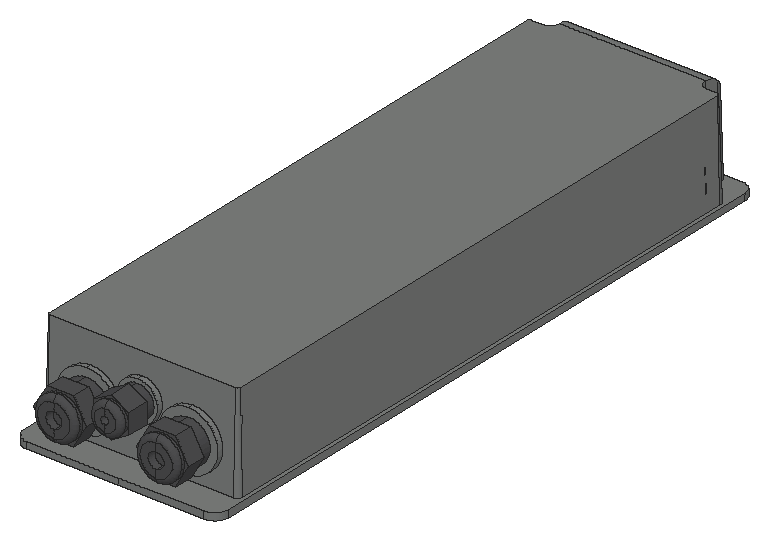
Revit family "Thorn ALTIS GEN5 Gearbox-4 channel gearbox for RGBW", category Electrical Fixtures, host Face, Revit 2023
Family settings
  Host = Face
  Round Connector Dimension = Use Diameter
  Part Type = Normal
  Cut with Voids When Loaded = Yes
  Maintain Annotation Orientation = No
  Shared = Yes
  Room Calculation Point = Yes
Parameters (values of type "ALG5 GB 1200W 0.85A 450V 4CH RGBW DMX/DA")
  Wattage = 1200 W
  URL = "https://www.thornlighting.com/96685716"
  Type Image = TLG_ALG5_F_GB_LE_2100W.jpg
  Type IFC Predefined Type = "DIRECTIONSOURCE"
  Power Factor = 1
  Model = "96685716"
  Material Housing = Thorn-Aluminium-RAL 7043-Traffic Grey B
  Manufacturer = "Thorn Lighting"  # constant formula
  Luminaire Width = 152 mm  # constant formula
  Luminaire Length = 500 mm  # constant formula
  Luminaire Height = 77 mm  # constant formula
  Lamp = "LED"  # constant formula
  Export Type to IFC As = "IfcLightFixtureType"
  Description = "LED Control Gear"  # constant formula
  Default Elevation = 0 mm  # constant formula
  Assembly Code = "Pr_60_70_48_54"
  Apparent Load = Wattage / Power Factor  # 1200 VA
Reference planes
  plane 1 "Center (Front/Back)": y = 0
  plane 2: z = 0
  plane 3 "Center (Left/Right)": x = 0
  plane 4: x = -76
  plane 5: x = 76
  plane 6: y = 250
  plane 7: y = -250
  plane 8: z = 77
  plane 9: x = -38
  plane 10: y = -226.5
Forms (mm)
  Extrusion 1, solid, material "Thorn-Aluminium-RAL 7043-Traffic Grey B" <- "Material Housing"
    sketch origin (0, 0, 0) x (1, 0, 0) y (0, 1, 0)
      loop
        arc (-66, 250) -> (-73.071, 247.071) -> (-76, 240) r 10
        line (-76, 240) -> (-76, -240)
        arc (-76, -240) -> (-73.071, -247.071) -> (-66, -250) r 10
        line (-66, -250) -> (1.871, -250) -> (66, -250)
        arc (66, -250) -> (73.071, -247.071) -> (76, -240) r 10
        line (76, -240) -> (76, 240)
        arc (76, 240) -> (73.071, 247.071) -> (66, 250) r 10
        line (66, 250) -> (-2.525, 250) -> (-66, 250)
    from 0 to 5
  Blend 2, solid, material "Thorn-Aluminium-RAL 7043-Traffic Grey B" <- "Material Housing"
    base sketch origin (0, 0, 0) x (1, 0, 0) y (0, 1, 0)
      loop
        arc (-73, -222.5) -> (-71.828, -225.328) -> (-69, -226.5) r 4
        line (-69, -226.5) -> (69, -226.5)
        arc (69, -226.5) -> (71.828, -225.328) -> (73, -222.5) r 4
        line (73, -222.5) -> (73, 221)
        arc (73, 221) -> (71.828, 223.828) -> (69, 225) r 4
        line (69, 225) -> (61, 225)
        arc (61, 225) -> (58.172, 226.172) -> (57, 229) r 4
        line (57, 229) -> (57, 241)
        arc (57, 241) -> (55.243, 245.243) -> (51, 247) r 6
        line (51, 247) -> (0, 247) -> (-50, 247)
        arc (-50, 247) -> (-54.243, 245.243) -> (-56, 241) r 6
        line (-56, 241) -> (-56, 229)
        arc (-56, 229) -> (-57.172, 226.172) -> (-60, 225) r 4
        line (-60, 225) -> (-69, 225)
        arc (-69, 225) -> (-71.828, 223.828) -> (-73, 221) r 4
        line (-73, 221) -> (-73, -222.5)
    top sketch origin (0, 0, 0) x (1, 0, 0) y (0, 1, 0)
      loop
        line (-71, 221) -> (-71, -222.5)
        arc (-71, -222.5) -> (-70.414, -223.914) -> (-69, -224.5) r 2
        line (-69, -224.5) -> (69, -224.5)
        arc (69, -224.5) -> (70.414, -223.914) -> (71, -222.5) r 2
        line (71, -222.5) -> (71, 221)
        arc (71, 221) -> (70.414, 222.414) -> (69, 223) r 2
        line (69, 223) -> (61, 223)
        arc (61, 223) -> (56.757, 224.757) -> (55, 229) r 6
        line (55, 229) -> (55, 241)
        arc (55, 241) -> (53.828, 243.828) -> (51, 245) r 4
        line (51, 245) -> (0, 245) -> (-50, 245)
        arc (-50, 245) -> (-52.828, 243.828) -> (-54, 241) r 4
        line (-54, 241) -> (-54, 229)
        arc (-54, 229) -> (-55.757, 224.757) -> (-60, 223) r 6
        line (-60, 223) -> (-69, 223)
        arc (-69, 223) -> (-70.414, 222.414) -> (-71, 221) r 2
    from 5 to 77
  Revolve 3, solid, material "Thorn-Plastic-RAL 9005-Jet Black"
    sketch origin (-38, -4546.061, 94.787) x (0, 0, 1) y (0, -1, 0)
      loop
        line (-45.646, -4316.561) -> (-45.646, -4306.609) -> (-61.646, -4306.609) -> (-61.646, -4316.561) -> (-45.646, -4316.561)
      loop
        line (-55.646, -4292.561) -> (-45.646, -4292.561) -> (-45.646, -4290.561)
        arc (-45.646, -4290.561) -> (-46.817, -4287.732) -> (-49.646, -4286.561) r 4
        line (-49.646, -4286.561) -> (-55.646, -4286.561) -> (-55.646, -4292.561)
      axis (-61.646, -4316.561) -> (-61.646, -4286.561)
    angle from 0 to 360
  Extrusion 4, solid, material "Thorn-Aluminium-RAL 7043-Traffic Grey B" <- "Material Housing"
    sketch origin (-173.759, -226.5, 1219.2) x (-1, 0, 0) y (0, 0, 1)
      loop
        circle (-135.759, -1186.059) r 22
    from 5 to -3
  Extrusion 5, solid, material "Thorn-Plastic-RAL 9005-Jet Black"
    sketch origin (-969.698, -250, 1179.325) x (-1, 0, 0) y (0, 0, -1)
      loop
        line (-921.883, 1129.184) -> (-912.068, 1146.184) -> (-921.883, 1163.184) -> (-941.513, 1163.184) -> (-951.328, 1146.184) -> (-941.513, 1129.184) -> (-921.883, 1129.184)
    from 3.5 to -10.548
  Revolve 6, solid, material "Thorn-Plastic-RAL 9005-Jet Black"
    sketch origin (0, -4546.061, 107.912) x (0, 0, 1) y (0, -1, 0)
      loop
        line (-49.646, -4316.561) -> (-49.646, -4308.561) -> (-61.646, -4308.561) -> (-61.646, -4316.561) -> (-49.646, -4316.561)
      loop
        line (-58.646, -4292.561) -> (-49.646, -4292.561) -> (-49.646, -4290.561)
        arc (-49.646, -4290.561) -> (-50.817, -4287.732) -> (-53.646, -4286.561) r 4
        line (-53.646, -4286.561) -> (-58.646, -4286.561) -> (-58.646, -4292.561)
      axis (-61.646, -4316.561) -> (-61.646, -4286.561)
    angle from 0 to 360
  Extrusion 7, solid, material "Thorn-Aluminium-RAL 7043-Traffic Grey B" <- "Material Housing"
    sketch origin (-135.759, -226.5, 1232.325) x (-1, 0, 0) y (0, 0, 1)
      loop
        circle (-135.759, -1186.059) r 15
    from 5 to -3
  Extrusion 8, solid, material "Thorn-Plastic-RAL 9005-Jet Black"
    sketch origin (-931.698, -250, 1192.45) x (-1, 0, 0) y (0, 0, -1)
      loop
        line (-931.698, 1131.184) -> (-918.708, 1138.684) -> (-918.708, 1153.684) -> (-931.698, 1161.184) -> (-944.688, 1153.684) -> (-944.688, 1138.684) -> (-931.698, 1131.184)
    from 3.5 to -12.5
  Revolve 9, solid, material "Thorn-Plastic-RAL 9005-Jet Black"
    sketch origin (38, -4546.061, 94.787) x (0, 0, 1) y (0, 1, 0)
      loop
        line (-45.646, 4316.561) -> (-61.646, 4316.561) -> (-61.646, 4306.609) -> (-45.646, 4306.609) -> (-45.646, 4316.561)
      loop
        line (-55.646, 4292.561) -> (-55.646, 4286.561) -> (-49.646, 4286.561)
        arc (-49.646, 4286.561) -> (-46.817, 4287.732) -> (-45.646, 4290.561) r 4
        line (-45.646, 4290.561) -> (-45.646, 4292.561) -> (-55.646, 4292.561)
      axis (-61.646, 4316.561) -> (-61.646, 4286.561)
    angle from 0 to 360
  Extrusion 10, solid, material "Thorn-Aluminium-RAL 7043-Traffic Grey B" <- "Material Housing"
    sketch origin (173.759, -226.5, 1219.2) x (1, 0, 0) y (0, 0, -1)
      loop
        circle (-135.759, 1186.059) r 22
    from 5 to -3
  Extrusion 11, solid, material "Thorn-Plastic-RAL 9005-Jet Black"
    sketch origin (969.698, -250, 1179.325) x (1, 0, 0) y (0, 0, 1)
      loop
        line (-921.883, -1129.184) -> (-941.513, -1129.184) -> (-951.328, -1146.184) -> (-941.513, -1163.184) -> (-921.883, -1163.184) -> (-912.068, -1146.184) -> (-921.883, -1129.184)
    from 3.5 to -10.548
  Extrusion 12, void
    sketch origin (0, 0, 0) x (0, 1, 0) y (0, 0, 1)
      loop
        line (247, 5) -> (250, 5) -> (250, 87) -> (223, 87) -> (223, 77) -> (230.411, 77)
        arc (230.411, 77) -> (240.869, 72.753) -> (245.405, 62.417) r 15
        line (245.405, 62.417) -> (247, 5)
    from -80 to 80
Cuts and joins
  Extrusion 12 cuts Blend 2
  joined: Blend 2, Extrusion 4, Extrusion 7, Extrusion 10
Dimensions and locks
  equal spacing: plane 4, plane 3 "Center (Left/Right)", plane 5
  "Luminaire Width": plane 4 to plane 5
  equal spacing: plane 7, plane 1 "Center (Front/Back)", plane 6
  "Luminaire Length": plane 7 to plane 6
  "Luminaire Height": plane 8 to level
  plane 3 "Center (Left/Right)" to plane 9 = 38 mm
  aligned and locked: plane 2 to host face
  aligned and locked: level to host face
  aligned and locked: Extrusion 1 sketch curve to plane 6
  aligned and locked: plane 4 to Extrusion 1 sketch curve
  aligned and locked: Extrusion 1 sketch curve to plane 7
  aligned and locked: plane 5 to Extrusion 1 sketch curve
  aligned and locked: plane 8 to Blend 2
Automatic sketch dimensions
  host sketch curve to host sketch curve = 2438.4 mm  (x2)
  Extrusion 1 sketch curve to Extrusion 1 sketch curve = 10 mm  (x3)
  Extrusion 1 sketch curve to plane 3 "Center (Left/Right)" = 2.525 mm
  plane 3 "Center (Left/Right)" to Extrusion 1 sketch curve = 1.871 mm
  plane 5 to Extrusion 1 sketch curve = 10 mm
  Blend 2 sketch curve to plane 10 = 0 mm
  Blend 2 sketch curve to plane 3 "Center (Left/Right)" = 0 mm  (x2)
  Blend 2 sketch curve to plane 9 = 12 mm  (x2)
  Blend 2 sketch curve to Blend 2 sketch curve = 6 mm  (x4)
  Blend 2 sketch curve to Blend 2 sketch curve = 4 mm  (x4)
  plane 4 to Blend 2 sketch curve = 7 mm  (x4)
  plane 4 to Blend 2 sketch curve = 3 mm
  plane 5 to Blend 2 sketch curve = 25 mm  (x2)
  plane 5 to Blend 2 sketch curve = 7 mm  (x4)
  plane 5 to Blend 2 sketch curve = 3 mm
  Blend 2 sketch curve to plane 6 = 29 mm  (x2)
  Blend 2 sketch curve to plane 6 = 9 mm  (x2)
  plane 10 to Blend 2 sketch curve = 2 mm
  Blend 2 sketch curve to Blend 2 sketch curve = 2 mm  (x2)
  Blend 2 sketch curve to Blend 2 sketch curve = 20 mm  (x2)
  Revolve 3 sketch curve to plane 7 = 10.548 mm
  level to Revolve 3 sketch curve = 33.141 mm
  plane 7 to Revolve 3 sketch curve = 9.5 mm
  Revolve 3 sketch curve to Revolve 3 sketch curve = 6 mm  (x2)
  Revolve 3 sketch curve to Revolve 3 sketch curve = 4 mm
  Revolve 3 sketch curve to plane 10 = 3 mm
  Revolve 3 sketch curve to Revolve 3 sketch curve = 16 mm
  Revolve 3 sketch curve to Revolve 3 sketch curve = 2 mm
  Revolve 3 sketch curve to Revolve 3 sketch curve = 0 mm
  plane 10 to Revolve 3 sketch curve = 9 mm
  Revolve 3 sketch curve to Revolve 3 sketch curve = 68 mm
  Extrusion 4 sketch curve to Extrusion 4 sketch curve = 0 mm  (x2)
  Extrusion 4 sketch curve to plane 9 = 0 mm
  level to Extrusion 4 sketch curve = 33.141 mm
  level to Extrusion 4 sketch curve = 11.141 mm
  plane 9 to Extrusion 5 sketch curve = 9.815 mm  (x2)
  Extrusion 5 sketch curve to plane 4 = 18.37 mm
  Extrusion 5 sketch curve to level = 16.141 mm
  Extrusion 5 sketch curve to Extrusion 5 sketch curve = 17 mm  (x3)
  Revolve 6 sketch curve to plane 10 = 11 mm
  Revolve 6 sketch curve to plane 8 = 30.734 mm
  plane 7 to Revolve 6 sketch curve = 9.5 mm
  Revolve 6 sketch curve to Revolve 6 sketch curve = 3 mm
  Revolve 6 sketch curve to Revolve 6 sketch curve = 5 mm
  Revolve 6 sketch curve to Revolve 6 sketch curve = 4 mm
  Revolve 6 sketch curve to plane 10 = 3 mm
  Revolve 6 sketch curve to Revolve 6 sketch curve = 12 mm
  Revolve 6 sketch curve to Revolve 6 sketch curve = 2 mm
  Revolve 6 sketch curve to Revolve 6 sketch curve = 0 mm
  plane 10 to Revolve 6 sketch curve = 9 mm
  Revolve 6 sketch curve to Revolve 6 sketch curve = 68 mm
  Extrusion 7 sketch curve to Extrusion 7 sketch curve = 0 mm  (x2)
  Extrusion 7 sketch curve to plane 3 "Center (Left/Right)" = 0 mm
  Extrusion 7 sketch curve to plane 8 = 30.734 mm
  Extrusion 7 sketch curve to Extrusion 7 sketch curve = 15 mm
  Extrusion 8 sketch curve to plane 3 "Center (Left/Right)" = 0 mm  (x2)
  Extrusion 8 sketch curve to plane 3 "Center (Left/Right)" = 12.99 mm
  plane 3 "Center (Left/Right)" to Extrusion 8 sketch curve = 12.99 mm
  Extrusion 8 sketch curve to level = 31.266 mm
  Extrusion 8 sketch curve to Extrusion 8 sketch curve = 7.5 mm  (x3)
  Extrusion 8 sketch curve to Extrusion 8 sketch curve = 15 mm  (x2)
  Revolve 9 sketch curve to plane 7 = 10.548 mm
  level to Revolve 9 sketch curve = 33.141 mm
  plane 7 to Revolve 9 sketch curve = 9.5 mm
  Revolve 9 sketch curve to Revolve 9 sketch curve = 6 mm  (x2)
  Revolve 9 sketch curve to Revolve 9 sketch curve = 4 mm
  Revolve 9 sketch curve to plane 10 = 3 mm
  Revolve 9 sketch curve to Revolve 9 sketch curve = 16 mm
  Revolve 9 sketch curve to Revolve 9 sketch curve = 2 mm
  Revolve 9 sketch curve to Revolve 9 sketch curve = 0 mm
  Revolve 9 sketch curve to Revolve 9 sketch curve = 68 mm
  plane 10 to Revolve 9 sketch curve = 9 mm
  Extrusion 10 sketch curve to Extrusion 10 sketch curve = 0 mm  (x2)
  plane 3 "Center (Left/Right)" to Extrusion 10 sketch curve = 38 mm
  level to Extrusion 10 sketch curve = 33.141 mm
  Extrusion 10 sketch curve to plane 8 = 21.859 mm
  plane 3 "Center (Left/Right)" to Extrusion 11 sketch curve = 18.37 mm
  Extrusion 11 sketch curve to Extrusion 11 sketch curve = 9.815 mm  (x2)
  Extrusion 11 sketch curve to Extrusion 11 sketch curve = 19.63 mm  (x2)
  plane 5 to Extrusion 11 sketch curve = 18.37 mm
  level to Extrusion 11 sketch curve = 16.141 mm
  Extrusion 11 sketch curve to Extrusion 11 sketch curve = 17 mm  (x3)
  Extrusion 12 sketch curve to plane 8 = 0 mm
  Extrusion 12 sketch curve to plane 6 = 0 mm
  Extrusion 12 sketch curve to plane 6 = 4.595 mm
  Extrusion 12 sketch curve to Extrusion 12 sketch curve = 14.994 mm
  Extrusion 12 sketch curve to Extrusion 12 sketch curve = 7.411 mm
  Extrusion 12 sketch curve to plane 8 = 14.583 mm
  plane 8 to Extrusion 12 sketch curve = 10 mm
  Extrusion 12 sketch curve to Extrusion 12 sketch curve = 3 mm
  level to Extrusion 12 sketch curve = 5 mm
  Extrusion 5 sketch curve to plane 9 = 9.815 mm  (x2)
  plane 3 "Center (Left/Right)" to Extrusion 5 sketch curve = 18.37 mm
Connectors
  electrical at (0, 0, 0), driven by "Apparent Load", driven by "Power Factor"
    settings: index 1, voltage 220 V, apparent load 1200 VA, apparent load phase1 0 VA, apparent load phase2 0 VA, apparent load phase3 0 VA, power factor 1, load classification "Lighting", number of poles 1, system type 30, power factor state 1, is connector primary yes, connector utility no, sub classification motor no, connector description ""
